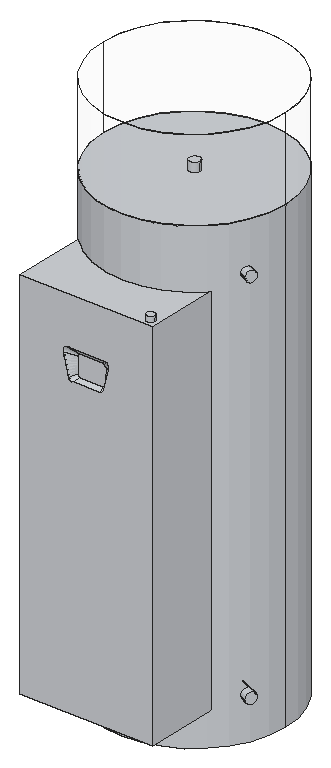
Revit family
Parameters (values of type "HC(Voltage)06 050 1 Phase")
  Wattage = KW * 1000 VA  # 6000 VA
  Water inlet length = Radius + 1"  # 11 7/8"
  VOLTAGE = 208 V
  Total Amps = KW * 1000 V / VOLTAGE  # 28.8462
  Top Clearance = 9 3/4"
  SES BIM Studio # = "201264902-39"
  URL = "http://www.lochinvar.com/products/default.aspx?type=productline&lineid=187"
  Panel Width = B_DIAMETER - 6"  # 15 3/4"
  Panel Depth = 13 7/8"
  Number of Poles = 2
  Model = "HC (X) 6 050"
  Manufacturer = "Lochinvar"
  MODEL NO. = "HC (Voltage) 6 050"
  KW = 6
  GALLON CAPACITY = "50"
  C_OVERALL DEPTH = 27"
  CONTINUOUS DELIVERY (GPH) = "25"
  B_DIAMETER = Radius * 2  # 21 3/4"
  A_HEIGHT = 55 3/4"
  Description = ""
  Fuel Type = ""
  Radius = 10 7/8"
  # OF ELEMENTS = "3"
Types (14): name | Wattage | Total Amps | Model | MODEL NO. | KW | CONTINUOUS DELIVERY (GPH) | # OF ELEMENTS
  (no name) | 6000 VA | 28.8462 | "HC (X) 6 050" | "HC (Voltage) 6 050" | 6 | "25" | "3"
  HC(Voltage)18 050 1 Phase | 18000 VA | 86.5385 | "HC (X) 18 050" | "HC (Voltage) 18 050" | 18 | "74" | "3"
  HC(Voltage)06 050 1 Phase | 6000 VA | 28.8462 | "HC (X) 6 050" | "HC (Voltage) 6 050" | 6 | "25" | "3"
  HC(Voltage)09 050 1 Phase | 9000 VA | 43.2692 | "HC (X) 9 050" | "HC (Voltage) 9 050" | 9 | "37" | "3"
  HC(Voltage)12 050 1 Phase | 12000 VA | 57.6923 | "HC (X) 12 050" | "HC (Voltage) 12 050" | 12 | "49" | "3"
  HC(Voltage)13.5 050 1 Phase | 13500 VA | 64.9038 | "HC (X) 13.5 050" | "HC (Voltage) 13.5 050" | 13.5 | "55" | "3"
  HC(Voltage)15 050 1 Phase | 15000 VA | 72.1154 | "HC (X) 15 050" | "HC (Voltage) 15 050" | 15 | "61" | "3"
  HC(Voltage)24 050 1 Phase | 24000 VA | 115.3846 | "HC (X) 24 050" | "HC (Voltage) 24 050" | 24 | "98" | "6"
  HC(Voltage)27 050 1 Phase | 27000 VA | 129.8077 | "HC (X) 27 050" | "HC (Voltage) 27 050" | 27 | "111" | "6"
  HC(Voltage)30 050 1 Phase | 30000 VA | 144.2308 | "HC (X) 30 050" | "HC (Voltage) 30 050" | 30 | "123" | "6"
  HC(Voltage)36 050 1 Phase | 36000 VA | 173.0769 | "HC (X) 36 050" | "HC (Voltage) 36 050" | 36 | "148" | "6"
  HC(Voltage)40 050 1 Phase | 40000 VA | 192.3077 | "HC (X) 40 050" | "HC (Voltage) 40 050" | 40 | "166" | "9"
  HC(Voltage)45 050 1 Phase | 45000 VA | 216.3462 | "HC (X) 45 050" | "HC (Voltage) 45 050" | 45 | "194" | "9"
  HC(Voltage)54 050 1 Phase | 54000 VA | 259.6154 | "HC (X) 54 050" | "HC (Voltage) 54 050" | 54 | "221" | "9"
Reference planes (in)
  plane 1 "Center (Front/Back)": y = 6.125
  plane 2: z = 0
  plane 3 "Center (Left/Right)": x = -1.39218
  plane 4 "Top": z = 55.75
  plane 5 "Top Clearance": z = 65.5
  plane 6 "Panel right": x = 6.48282
  plane 7 "Panel left": x = -9.26718
  plane 8 "Panel Face": y = -10
  plane 9: y = 17
  plane 10 "Panel top": z = 48.75
  plane 11 "Panel bottom": z = 4
  plane 12 "Water inlet anchor": through (-1.39218, 6.125, 48) normal (-0.9063, 0.4226, 0)
  plane 13 "Water inlet end": through (9.37023, 1.10641, 48) normal (-0.9063, 0.4226, 0)
  plane 14: through (-1.39218, 6.125, 48) normal (-0.9063, -0.4226, 0)
  plane 15: through (-12.15458, 1.10641, 48) normal (-0.9063, -0.4226, 0)
  plane 16: z = 5.25
Forms (in)
  Extrusion 1, solid
    sketch origin (0, 0, 0) x (1, 0, 0) y (0, 1, 0)
      loop
        circle (-1.39218, 6.125) r 10.875
    from 0 to 55.75
  Extrusion 2, solid, material "Clearance"
    sketch origin (0, 0, 55.75) x (-1, 0, 0) y (0, -1, 0)
      loop
        circle (1.39218, -6.125) r 10.875
    from 0 to 9.75
  Extrusion 3, solid
    sketch origin (-1.39218, 0, 0) x (0, 1, 0) y (0, 0, 1)
      loop
        line (6.125, 4) -> (6.125, 48.75) -> (-10, 48.75) -> (-10, 4) -> (6.125, 4)
    from 7.875 to -7.875
  Extrusion 4, solid
    sketch origin (0, 0, 55.75) x (-1, 0, 0) y (0, -1, 0)
      loop
        circle (1.39218, -6.125) r 0.625
    from 0 to 1
  Extrusion 5, solid
    sketch origin (0, 0, 48.75) x (-1, 0, 0) y (0, -1, 0)
      loop
        circle (-5.48282, 9) r 0.5
    from 0 to 0.5
  Extrusion 6, solid
    sketch origin (-4.99757, -2.51609, -1.07813) x (-0.422618, -0.906308, 0) y (0, 0, 1)
      loop
        circle (-9.35519, 6.3358) r 0.625
    from 0.38429 to -11.49071
  Extrusion 7, solid
    sketch origin (-0.30555, -3.58256, -1.07813) x (0.422618, -0.906308, 0) y (0, 0, -1)
      loop
        circle (-9.25727, -6.3358) r 0.625
    from 3.11777 to -8.75723
  Blend 8, void
    base sketch origin (0, -10, 0) x (1, 0, 0) y (0, 0, 1)
      loop
        arc (-3.62679, 43) -> (-4.02089, 42.80771) -> (-4.11186, 42.37873) r 0.5
        line (-4.11186, 42.37873) -> (-3.48686, 39.87873)
        arc (-3.48686, 39.87873) -> (-3.3095, 39.6059) -> (-3.00179, 39.5) r 0.5
        line (-3.00179, 39.5) -> (0.21743, 39.5)
        arc (0.21743, 39.5) -> (0.52514, 39.6059) -> (0.7025, 39.87873) r 0.5
        line (0.7025, 39.87873) -> (1.3275, 42.37873)
        arc (1.3275, 42.37873) -> (1.23654, 42.80771) -> (0.84243, 43) r 0.5
        line (0.84243, 43) -> (-3.62679, 43)
    top sketch origin (0, -10, 0) x (1, 0, 0) y (0, 0, 1)
      loop
        line (-2.81429, 39.75) -> (0.02993, 39.75)
        arc (0.02993, 39.75) -> (0.20671, 39.82322) -> (0.27993, 40) r 0.25
        line (0.27993, 40) -> (0.27993, 42)
        arc (0.27993, 42) -> (0.20671, 42.17678) -> (0.02993, 42.25) r 0.25
        line (0.02993, 42.25) -> (-2.81429, 42.25)
        arc (-2.81429, 42.25) -> (-2.99107, 42.17678) -> (-3.06429, 42) r 0.25
        line (-3.06429, 42) -> (-3.06429, 40)
        arc (-3.06429, 40) -> (-2.99107, 39.82322) -> (-2.81429, 39.75) r 0.25
    from 0 to -0.75
  Extrusion 9, void
    sketch origin (0, -9.25, 0.12693) x (1, 0, 0) y (0, 0, 1)
      loop
        arc (-2.31429, 41.5) -> (-2.40268, 41.46339) -> (-2.43929, 41.375) r 0.125
        line (-2.43929, 41.375) -> (-2.43929, 40.375)
        arc (-2.43929, 40.375) -> (-2.40268, 40.28661) -> (-2.31429, 40.25) r 0.125
        line (-2.31429, 40.25) -> (-0.47007, 40.25)
        arc (-0.47007, 40.25) -> (-0.38168, 40.28661) -> (-0.34507, 40.375) r 0.125
        line (-0.34507, 40.375) -> (-0.34507, 41.375)
        arc (-0.34507, 41.375) -> (-0.38168, 41.46339) -> (-0.47007, 41.5) r 0.125
        line (-0.47007, 41.5) -> (-2.31429, 41.5)
    from 0 to -0.125
  Extrusion 10, solid
    sketch origin (-4.99757, -2.51609, 49.92188) x (-0.422618, -0.906308, 0) y (0, 0, 1)
      loop
        circle (-9.35519, 0.3358) r 0.625
    from 0.38429 to -11.49071
Cuts and joins
  Blend 8 cuts Extrusion 3
Dimensions and locks (in)
  "A_HEIGHT": plane 4 "Top" to level
  "Top Clearance": plane 5 "Top Clearance" to plane 4 "Top"
  equal spacing: plane 7 "Panel left", plane 3 "Center (Left/Right)", plane 6 "Panel right"
  "Panel Width": plane 7 "Panel left" to plane 6 "Panel right"
  "Radius": plane 9 to Extrusion 3
  "C_OVERALL DEPTH": plane 8 "Panel Face" to plane 9
  locked: plane 11 "Panel bottom" to plane 2 at 4
  "Water inlet length": plane 12 "Water inlet anchor" to plane 13 "Water inlet end"
  "Water inlet length": plane 14 to plane 15
  "Radius": radius of Extrusion 1 sketch curve
  "Radius": radius of Extrusion 2 sketch curve
  aligned and locked: plane 4 "Top" to Extrusion 1
  aligned and locked: plane 5 "Top Clearance" to Extrusion 2
  aligned and locked: plane 6 "Panel right" to Extrusion 3
  aligned and locked: Extrusion 3 to plane 7 "Panel left"
  aligned and locked: plane 8 "Panel Face" to Extrusion 3
  aligned and locked: Extrusion 3 to plane 1 "Center (Front/Back)"
  aligned and locked: plane 10 "Panel top" to Extrusion 3
  aligned and locked: Extrusion 3 to plane 11 "Panel bottom"
Automatic sketch dimensions
  plane 1 "Center (Front/Back)" to Extrusion 1 sketch curve = 0"
  Extrusion 1 sketch curve to plane 3 "Center (Left/Right)" = 0"
  plane 1 "Center (Front/Back)" to Extrusion 2 sketch curve = 0"
  Extrusion 2 sketch curve to plane 3 "Center (Left/Right)" = 0"
  Extrusion 3 sketch curve to plane 8 "Panel Face" = 0"
  Extrusion 3 sketch curve to plane 1 "Center (Front/Back)" = 0"
  Extrusion 3 sketch curve to plane 11 "Panel bottom" = 0"
  Extrusion 3 sketch curve to plane 10 "Panel top" = 0"
  plane 1 "Center (Front/Back)" to Extrusion 4 sketch curve = 0"
  Extrusion 4 sketch curve to plane 3 "Center (Left/Right)" = 0"
  Extrusion 5 sketch curve to plane 6 "Panel right" = 1"
  Extrusion 5 sketch curve to plane 8 "Panel Face" = 1"
  plane 16 to Extrusion 6 sketch curve = 0.00768"
  Extrusion 7 sketch curve to plane 16 = 0.00768"
  Blend 8 sketch curve to plane 3 "Center (Left/Right)" = 2.71968"
  Blend 8 sketch curve to Blend 8 sketch curve = 0.48507"  (x4)
  Blend 8 sketch curve to plane 3 "Center (Left/Right)" = 2.09468"
  plane 3 "Center (Left/Right)" to Blend 8 sketch curve = 1.60961"
  plane 3 "Center (Left/Right)" to Blend 8 sketch curve = 2.23461"
  Blend 8 sketch curve to plane 10 "Panel top" = 9 1/4"
  Blend 8 sketch curve to Blend 8 sketch curve = 0.37873"  (x2)
  Blend 8 sketch curve to Blend 8 sketch curve = 2 1/2"  (x2)
  Blend 8 sketch curve to Blend 8 sketch curve = 0.12127"
  Blend 8 sketch curve to plane 3 "Center (Left/Right)" = 1.67211"
  Blend 8 sketch curve to Blend 8 sketch curve = 1/4"  (x3)
  plane 3 "Center (Left/Right)" to Blend 8 sketch curve = 1.42211"  (x2)
  Blend 8 sketch curve to plane 10 "Panel top" = 9"
  Blend 8 sketch curve to Blend 8 sketch curve = 2"
  Extrusion 9 sketch curve to plane 3 "Center (Left/Right)" = 1.04711"
  Extrusion 9 sketch curve to Extrusion 9 sketch curve = 1/8"  (x3)
  plane 3 "Center (Left/Right)" to Extrusion 9 sketch curve = 0.92211"  (x2)
  Extrusion 9 sketch curve to plane 10 "Panel top" = 8.37307"
  Extrusion 9 sketch curve to Extrusion 9 sketch curve = 1"
  plane 10 "Panel top" to Extrusion 10 sketch curve = 1.50768"
  radius of Extrusion 4 sketch curve = 5/8"
  radius of Extrusion 5 sketch curve = 1/2"
  radius of Extrusion 6 sketch curve = 5/8"
  radius of Extrusion 7 sketch curve = 5/8"
  radius of Extrusion 10 sketch curve = 5/8"
Connectors (in)
  piping at (-1.39218, 6.125, 56.75)
    settings: on Extrusion 4, index 1, connector radius 5/8", flow factor 0, pipe flow 0 GPM, pressure drop 0.00 psi, fitting loss kfactor 0, connector angle 0.00°, fixture units 0, flow configuration 0, flow direction 0, fitting loss method 0, system type 19, connector reference index -1, connector utility 0, adjustable connector no, is connector primary yes, fitting loss table "", connector description "Water Outlet"
  piping at (-12.15458, 1.10641, 5.25768)
    settings: on Extrusion 7, index 5, connector radius 3/8", flow factor 0, pipe flow 0 GPM, pressure drop 0.00 psi, fitting loss kfactor 0, connector angle 0.00°, fixture units 0, flow configuration 1, flow direction 2, fitting loss method 0, system type 16, connector reference index -1, connector utility 0, adjustable connector no, is connector primary no, fitting loss table "", connector description ""
  piping at (9.37023, 1.10641, 5.25768)
    settings: on Extrusion 6, index 6, connector radius 5/8", flow factor 0, pipe flow 0 GPM, pressure drop 0.00 psi, fitting loss kfactor 0, connector angle 0.00°, fixture units 0, flow configuration 0, flow direction 1, fitting loss method 0, system type 20, connector reference index -1, connector utility 0, adjustable connector no, is connector primary no, fitting loss table "", connector description "Water Inlet"
  electrical at (5.48282, -9, 49.25), driven by "Wattage", driven by "VOLTAGE", driven by "Number of Poles"
    settings: on Extrusion 5, index 7, voltage 208 V, apparent load 6000 VA, apparent load phase1 0 VA, apparent load phase2 0 VA, apparent load phase3 0 VA, power factor 1, load classification "Other", number of poles 2, system type 30, power factor state 1, is connector primary yes, connector utility no, sub classification motor no, connector description "Electrical"
